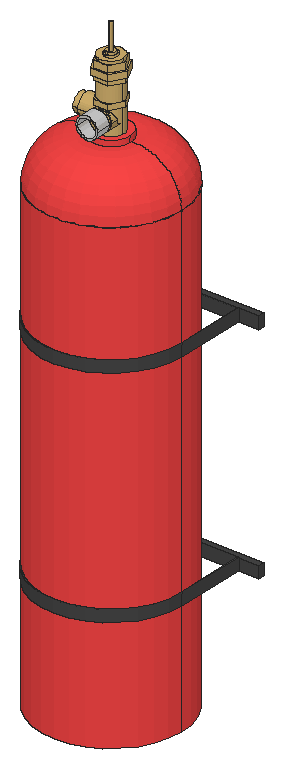
Revit family "Cilindros autonomos de 150 a 240l FK-5-1-12_Aguilera Extincion", category Equipos especializados, Revit 2019
Family settings
  Anfitrión = Suelo
  Cota de conector redondo = Radio de uso
  Tipo de pieza = Normal
  Número OmniClass = 23.65.20.14.24
  Título OmniClass = Other Gas Storage Vessels
  Siempre vertical = Sí
  Corte con vacíos al cargar = No
  Compartido = No
  Punto de cálculo de habitación = No
Parameters (values of type "Cilindro autónomo MH5112® (FK-5-1-12) - 240 l")
  URL = "https://aguilera.es/?productos=sistemas-autonos-de-150-a-240l"
  Símbolo texto = yes
  Símbolo = yes
  R = Diámetro / 2  # 231 mm
  Modelo = "AEX/FK240"
  L1 = 596 mm
  Hd = 1730 mm
  H2 = 1120 mm
  H1 = 390 mm
  Fabricante = "Aguilera Extinción"  # constant formula
  Descripción = "Cilindro de alta presión, fabricads en acero aleado tratado térmicamente soldados (según Directiva Europea 84/525/CEE). Marcado π . Presión de trabajo de 25 bar, temperatura de servicio de -20ºC a +50ºC, pintados en color rojo (RAL 3002).\r\nEquipada con:\r\n• Válvula de descarga 2 1/2″ con solenoide incorporada. Certiﬁcada CE y VdS.\r\n• Actuador Manual. Certiﬁcado CE y VdS.\r\n• Manómetro con presostato. Certiﬁcado CE y VdS.\r\n• Herrajes para ﬁjación a pared.\r\n• Caperuza de protección para transporte."  # constant formula
  Diámetro = 462 mm
  H = 2000 mm
  Aux_R = R / 2  # 115.5 mm
Types (3, lengths in mm): name | R | Modelo | L1 | Hd | H2 | H1 | Diámetro | H | Aux_R
  (no name) | 231 | "AEX/FK240" | 596 | 1730 | 1120 | 390 | 462 | 2000 | 115.5
  Cilindro autónomo MH5112® (FK-5-1-12) - 150 l | 203 | "AEX/FK150" | 564 | 1439 | 920 | 320 | 406 | 1709 | 101.5
  Cilindro autónomo MH5112® (FK-5-1-12) - 240 l | 231 | "AEX/FK240" | 596 | 1730 | 1120 | 390 | 462 | 2000 | 115.5
Reference planes
  plane 1 "Centro (Frontal/Posterior)": y = 0
  plane 2: z = 0
  plane 3 "Centro (Izquierda/Derecha)": x = 0
  plane 4: y = 231
  plane 5: z = 390
  plane 6: z = 1120
  plane 7: z = 1525
  plane 8: z = 1663.58
  plane 9: z = 1730
  plane 10: z = 2000
  plane 11: x = -100
  plane 12: x = -231
  plane 13: x = 231
  plane 14: x = -231
  plane 15: x = 231
  plane 16: x = -231
  plane 17: x = 231
  plane 18: x = -40
  plane 19: z = 1905
Forms (mm)
  Extrusion 1, solid, material "Acero rojo", detail levels medium+fine
    sketch origin (0, 0, 0) x (1, 0, 0) y (0, 1, 0)
      loop
        circle (0, 0) r 231
    from 0 to 1525
  Extrusion 2, solid, material "Brass", detail levels medium+fine
    sketch origin (-745.59, -6000, 1663.58) x (-1, 0, 0) y (0, -1, 0)
      loop
        circle (-745.59, -6000) r 40
    from 0 to 241.42
  Extrusion 3, solid, material "Brass", detail levels medium+fine
    sketch origin (-70, 0, 0) x (0, -1, 0) y (0, 0, 1)
      loop
        circle (0, 1730) r 35
    from -70 to 10
  Revolve 4, solid, material "Acero rojo", detail levels medium+fine
    sketch origin (0, 0, 0) x (1, 0, 0) y (0, 0, 1)
      loop
        line (0, 1663.58) -> (-40, 1663.58)
        arc (-40, 1663.58) -> (-170.746, 1643.575) -> (-231, 1525.829) r 145.174
        line (-231, 1525.829) -> (-231, 1525) -> (0, 1525) -> (0, 1663.58)
      axis (0, 1663.58) -> (0, 1525)
    angle from 0 to 360
  Extrusion 5, solid, material "Acero negro", detail levels fine
    sketch origin (-745.59, -6000, 1120) x (-1, 0, 0) y (0, -1, 0)
      loop
        line (-447.09, -6251) -> (-447.09, -6231) -> (-512.59, -6231) -> (-512.59, -6000)
        arc (-512.59, -6000) -> (-745.59, -5767) -> (-978.59, -6000) r 233
        line (-978.59, -6000) -> (-978.59, -6231) -> (-1044.09, -6231) -> (-1044.09, -6251) -> (-447.09, -6251)
      loop
        arc (-514.59, -6000) -> (-745.59, -5769) -> (-976.59, -6000) r 231
        line (-976.59, -6000) -> (-976.59, -6231) -> (-514.59, -6231) -> (-514.59, -6000)
    from 20 to -20
  Extrusion 6, solid, material "Acero rojo", detail levels fine
    sketch origin (-745.59, -6000, 1663.58) x (-1, 0, 0) y (0, -1, 0)
      loop
        circle (-745.59, -6000) r 62.646
    from 0 to 22.444
  Extrusion 7, solid, material "Acero negro", detail levels medium+fine
    sketch origin (-745.59, -6000, 390) x (-1, 0, 0) y (0, -1, 0)
      loop
        line (-447.09, -6251) -> (-447.09, -6231) -> (-512.59, -6231) -> (-512.59, -6000)
        arc (-512.59, -6000) -> (-745.59, -5767) -> (-978.59, -6000) r 233
        line (-978.59, -6000) -> (-978.59, -6231) -> (-1044.09, -6231) -> (-1044.09, -6251) -> (-447.09, -6251)
      loop
        arc (-514.59, -6000) -> (-745.59, -5769) -> (-976.59, -6000) r 231
        line (-976.59, -6000) -> (-976.59, -6231) -> (-514.59, -6231) -> (-514.59, -6000)
    from -20 to 20
  Extrusion 8, solid, material "Brass", detail levels medium+fine
    sketch origin (-745.59, -6000, 1905) x (-1, 0, 0) y (0, -1, 0)
      loop
        line (-769.342, -6041.141) -> (-721.837, -6041.141) -> (-698.084, -6000) -> (-721.837, -5958.859) -> (-769.342, -5958.859) -> (-793.095, -6000) -> (-769.342, -6041.141)
    from -8.378 to -30.23
  Extrusion 9, solid, material "Brass", detail levels medium+fine
    sketch origin (0.001, -69.978, 0) x (1, 0.000332, 0) y (0, 0, 1)
      loop
        circle (0, 1730) r 35
    from -70 to -28.863
  Extrusion 10, solid, material "Brass", detail levels medium+fine
    sketch origin (-145, 0, 0) x (0, -1, 0) y (0, 0, 1)
      loop
        circle (0, 1730) r 30
      loop
        circle (0, 1730) r 25
    from -65 to -45
  Extrusion 11, solid, material "Brass", detail levels medium+fine
    sketch origin (0.001, -127.334, 0) x (1, 0.000332, 0) y (0, 0, 1)
      loop
        circle (0, 1730) r 30
    from -86.218 to -73.878
  Extrusion 12, solid, material "Plástico gris", detail levels medium+fine
    sketch origin (0.001, -157.335, 0) x (1, 0.000332, 0) y (0, 0, 1)
      loop
        circle (0, 1730) r 35
      loop
        circle (0, 1730) r 29.994
    from -103.928 to -58.906
  Extrusion 13, solid, material "Brass", detail levels medium+fine
    sketch origin (-745.59, -6000, 1905) x (-1, 0, 0) y (0, -1, 0)
      loop
        line (-769.342, -6041.141) -> (-721.837, -6041.141) -> (-698.084, -6000) -> (-721.837, -5958.859) -> (-769.342, -5958.859) -> (-793.095, -6000) -> (-769.342, -6041.141)
    from -121.888 to -139.419
  Extrusion 14, solid, material "Brass", detail levels medium+fine
    sketch origin (-745.59, -6000, 1905) x (-1, 0, 0) y (0, -1, 0)
      loop
        line (-769.342, -6041.141) -> (-721.837, -6041.141) -> (-698.084, -6000) -> (-721.837, -5958.859) -> (-769.342, -5958.859) -> (-793.095, -6000) -> (-769.342, -6041.141)
    from -51.35 to -67.465
  Extrusion 15, solid, material "Brass", detail levels medium+fine
    sketch origin (-745.59, -6000, 1905) x (-1, 0, 0) y (0, -1, 0)
      loop
        line (-773.409, -6048.185) -> (-717.77, -6048.185) -> (-689.951, -6000) -> (-717.77, -5951.815) -> (-773.409, -5951.815) -> (-801.228, -6000) -> (-773.409, -6048.185)
    from -30.23 to -51.35
  Revolve 16, solid, material "Brass", detail levels fine
    sketch origin (0, 0, 0) x (0, 1, 0) y (0, 0, 1)
      loop
        line (0, 1905) -> (0, 2000) -> (-5, 2000) -> (-5, 1915) -> (-15, 1915) -> (-15, 1910) -> (-20, 1910) -> (-20, 1905) -> (0, 1905)
      axis (0, 2000) -> (0, 1905)
    angle from 0 to 360
Lines and regions (mm)
  symbolic lines, style "SpecialityEquipment"
    curve 1: line (0, 271, 0) -> (0, 231, 0)
    curve 2: line (-25, 251, 0) -> (25, 251, 0)
    curve 3: circle (0, 251, 0) r 15 normal (0, 0, 1)
Dimensions and locks
  "H1": plane 5 to plane 2
  "H2": plane 6 to plane 2
  "Hd": plane 9 to plane 2
  "H": plane 10 to plane 2
  locked: plane 11 to plane 3 "Centro (Izquierda/Derecha)" at 100
  equal spacing: plane 12, plane 3 "Centro (Izquierda/Derecha)", plane 13
  "Diámetro": plane 12 to plane 13
  locked: plane 9 to plane 8 at 66.42
  locked: plane 9 to plane 7 at 205
  "R": plane 1 "Centro (Frontal/Posterior)" to plane 4
  equal spacing: plane 14, plane 3 "Centro (Izquierda/Derecha)", plane 15
  "Diámetro": plane 14 to plane 15
  equal spacing: Extrusion 5 sketch curve, plane 3 "Centro (Izquierda/Derecha)", Extrusion 5 sketch curve
  "R": Revolve 4 sketch curve to Revolve 4 sketch curve
  equal spacing: plane 16, plane 3 "Centro (Izquierda/Derecha)", plane 17
  "Diámetro": plane 16 to plane 17
  equal spacing: Extrusion 7 sketch curve, plane 3 "Centro (Izquierda/Derecha)", Extrusion 7 sketch curve
  locked: Revolve 4 sketch curve to Revolve 4 sketch curve at 0.829
  locked: plane 10 to plane 19 at 95
  "Diámetro": diameter of Extrusion 1 sketch curve
  aligned and locked: level to plane 2
  aligned and locked: plane 7 to Extrusion 1
  aligned and locked: Extrusion 2 to plane 8
  aligned and locked: Revolve 4 sketch curve to plane 3 "Centro (Izquierda/Derecha)"  (x2)
  aligned and locked: Extrusion 5 sketch curve to Extrusion 5 sketch curve  (x2)
  aligned and locked: Extrusion 5 sketch curve to plane 4
  aligned and locked: Extrusion 5 sketch curve to plane 15
  aligned and locked: Extrusion 5 sketch curve to plane 14
  aligned and locked: Revolve 4 sketch curve to plane 7
  aligned and locked: Extrusion 7 sketch curve to Extrusion 7 sketch curve  (x2)
  aligned and locked: Extrusion 7 sketch curve to plane 17
  aligned and locked: Extrusion 7 sketch curve to plane 16
  aligned and locked: plane 18 to Extrusion 2
  aligned and locked: plane 18 to Revolve 4 sketch curve
  aligned and locked: Extrusion 10 to plane 11
  aligned and locked: plane 19 to Extrusion 2
  aligned and locked: Revolve 16 sketch curve to Revolve 16 sketch curve
Automatic sketch dimensions
  curve 1 to plane 3 "Centro (Izquierda/Derecha)" = 0 mm
  curve 3 to plane 3 "Centro (Izquierda/Derecha)" = 0 mm
  curve 1 to plane 4 = 0 mm
  curve 1 to curve 3 = 20 mm
  curve 2 to plane 3 "Centro (Izquierda/Derecha)" = 25 mm
  plane 3 "Centro (Izquierda/Derecha)" to curve 2 = 25 mm
  plane 4 to curve 2 = 20 mm
  curve 3 to curve 1 = 20 mm
  plane 1 "Centro (Frontal/Posterior)" to Extrusion 2 sketch curve = 0 mm
  Extrusion 2 sketch curve to plane 3 "Centro (Izquierda/Derecha)" = 0 mm
  plane 1 "Centro (Frontal/Posterior)" to Extrusion 6 sketch curve = 0 mm
  Extrusion 6 sketch curve to plane 3 "Centro (Izquierda/Derecha)" = 0 mm
  plane 1 "Centro (Frontal/Posterior)" to Extrusion 8 sketch curve = 0 mm  (x2)
  plane 3 "Centro (Izquierda/Derecha)" to Extrusion 8 sketch curve = 47.506 mm
  plane 3 "Centro (Izquierda/Derecha)" to Extrusion 8 sketch curve = 23.753 mm  (x2)
  Extrusion 8 sketch curve to plane 3 "Centro (Izquierda/Derecha)" = 23.753 mm  (x2)
  Extrusion 8 sketch curve to Extrusion 8 sketch curve = 23.753 mm
  Extrusion 8 sketch curve to plane 1 "Centro (Frontal/Posterior)" = 41.141 mm
  plane 1 "Centro (Frontal/Posterior)" to Extrusion 8 sketch curve = 41.141 mm
  Extrusion 9 sketch curve to plane 9 = 0 mm
  Extrusion 11 sketch curve to plane 9 = 0 mm
  plane 1 "Centro (Frontal/Posterior)" to Extrusion 13 sketch curve = 0 mm  (x2)
  plane 3 "Centro (Izquierda/Derecha)" to Extrusion 13 sketch curve = 47.506 mm
  plane 3 "Centro (Izquierda/Derecha)" to Extrusion 13 sketch curve = 23.753 mm  (x2)
  Extrusion 13 sketch curve to plane 3 "Centro (Izquierda/Derecha)" = 23.753 mm  (x2)
  Extrusion 13 sketch curve to Extrusion 13 sketch curve = 23.753 mm
  Extrusion 13 sketch curve to plane 1 "Centro (Frontal/Posterior)" = 41.141 mm
  plane 1 "Centro (Frontal/Posterior)" to Extrusion 13 sketch curve = 41.141 mm
  plane 1 "Centro (Frontal/Posterior)" to Extrusion 14 sketch curve = 0 mm  (x2)
  plane 3 "Centro (Izquierda/Derecha)" to Extrusion 14 sketch curve = 47.506 mm
  plane 3 "Centro (Izquierda/Derecha)" to Extrusion 14 sketch curve = 23.753 mm  (x2)
  Extrusion 14 sketch curve to plane 3 "Centro (Izquierda/Derecha)" = 23.753 mm  (x2)
  Extrusion 14 sketch curve to Extrusion 14 sketch curve = 23.753 mm
  Extrusion 14 sketch curve to plane 1 "Centro (Frontal/Posterior)" = 41.141 mm
  plane 1 "Centro (Frontal/Posterior)" to Extrusion 14 sketch curve = 41.141 mm
  plane 1 "Centro (Frontal/Posterior)" to Extrusion 15 sketch curve = 0 mm  (x2)
  plane 3 "Centro (Izquierda/Derecha)" to Extrusion 15 sketch curve = 55.639 mm
  plane 3 "Centro (Izquierda/Derecha)" to Extrusion 15 sketch curve = 27.819 mm  (x2)
  Extrusion 15 sketch curve to plane 3 "Centro (Izquierda/Derecha)" = 27.819 mm  (x2)
  plane 11 to Extrusion 15 sketch curve = 44.361 mm
  Extrusion 15 sketch curve to plane 1 "Centro (Frontal/Posterior)" = 48.185 mm
  plane 1 "Centro (Frontal/Posterior)" to Extrusion 15 sketch curve = 48.185 mm
  Extrusion 12 sketch curve to Extrusion 12 sketch curve = 0 mm  (x2)
  Extrusion 12 sketch curve to plane 9 = 0 mm
  Extrusion 3 sketch curve to plane 1 "Centro (Frontal/Posterior)" = 0 mm
  Extrusion 3 sketch curve to plane 9 = 0 mm
  Extrusion 10 sketch curve to Extrusion 10 sketch curve = 0 mm  (x2)
  Extrusion 10 sketch curve to plane 1 "Centro (Frontal/Posterior)" = 0 mm
  Extrusion 10 sketch curve to plane 9 = 0 mm
  Revolve 16 sketch curve to plane 19 = 0 mm
  Revolve 16 sketch curve to plane 10 = 0 mm
  Revolve 16 sketch curve to plane 1 "Centro (Frontal/Posterior)" = 0 mm
  plane 1 "Centro (Frontal/Posterior)" to Revolve 16 sketch curve = 5 mm
  Revolve 16 sketch curve to Revolve 16 sketch curve = 10 mm
  Revolve 16 sketch curve to Revolve 16 sketch curve = 5 mm
  plane 19 to Revolve 16 sketch curve = 5 mm
  plane 19 to Revolve 16 sketch curve = 10 mm
  Revolve 16 sketch curve to plane 19 = 5.556 mm
  Revolve 16 sketch curve to Revolve 16 sketch curve = 37.5 mm
  plane 1 "Centro (Frontal/Posterior)" to Extrusion 1 sketch curve = 0 mm
  Extrusion 1 sketch curve to plane 3 "Centro (Izquierda/Derecha)" = 0 mm
  Revolve 4 sketch curve to plane 8 = 0 mm
  plane 6 to Revolve 4 sketch curve = 8.628 mm
  Revolve 4 sketch curve to plane 9 = 6 mm
  Extrusion 5 sketch curve to Extrusion 5 sketch curve = 0 mm  (x2)
  plane 1 "Centro (Frontal/Posterior)" to Extrusion 5 sketch curve = 0 mm
  Extrusion 5 sketch curve to plane 15 = 2 mm
  Extrusion 5 sketch curve to Extrusion 5 sketch curve = 65.5 mm
  Extrusion 5 sketch curve to Extrusion 5 sketch curve = 20 mm
  Extrusion 7 sketch curve to Extrusion 7 sketch curve = 0 mm  (x2)
  Extrusion 7 sketch curve to plane 4 = 0 mm
  plane 1 "Centro (Frontal/Posterior)" to Extrusion 7 sketch curve = 0 mm
  Extrusion 7 sketch curve to plane 17 = 2 mm
  Extrusion 7 sketch curve to Extrusion 7 sketch curve = 65.5 mm
  plane 4 to Extrusion 7 sketch curve = 20 mm
  radius of curve 3 = 15 mm
  radius of Extrusion 2 sketch curve = 40 mm
  radius of Extrusion 6 sketch curve = 62.646 mm
  radius of Extrusion 9 sketch curve = 35 mm
  radius of Extrusion 11 sketch curve = 30 mm
  radius of Extrusion 12 sketch curve = 35 mm
  radius of Extrusion 12 sketch curve = 29.994 mm
  radius of Extrusion 3 sketch curve = 35 mm
  radius of Extrusion 10 sketch curve = 30 mm
  radius of Extrusion 10 sketch curve = 25 mm
Nested families
  nested 1: "S_Cilindro_Aguilera Extinción" at (0, 0, 0), visible <- "Símbolo", type "S_Cilindro_Aguilera Extinción", detail levels coarse
Definition of nested family "S_Cilindro_Aguilera Extinción"
  Parameters (values of type "S_Cilindro_Aguilera Extinción")
    Texto símbolo = "Cilindros"
    Texto modelo = yes
    Modelo = "Cilindros"
  Reference planes
    plane 1: y = 0
    plane 2: x = 0
  Lines and regions (mm)
    detail lines
      curve 1: line (-1.703, -1.659, 0) -> (1.659, -1.659, 0)
      curve 2: line (-1.703, 1.659, 0) -> (-1.703, -1.659, 0)
      curve 3: line (1.659, 1.659, 0) -> (-1.703, 1.659, 0)
      curve 4: line (1.659, -1.659, 0) -> (1.659, 1.659, 0)
      curve 5: circle (0, 0, 0) r 1.659 normal (0, 0, 1)
  Text (mm)
    label "Texto símbolo" at (-0.164, 3.111, 0), shows "Texto símbolo"
    label "Modelo" at (-0.164, -2.652, 0), shows "Modelo", visible <- "Texto modelo"
